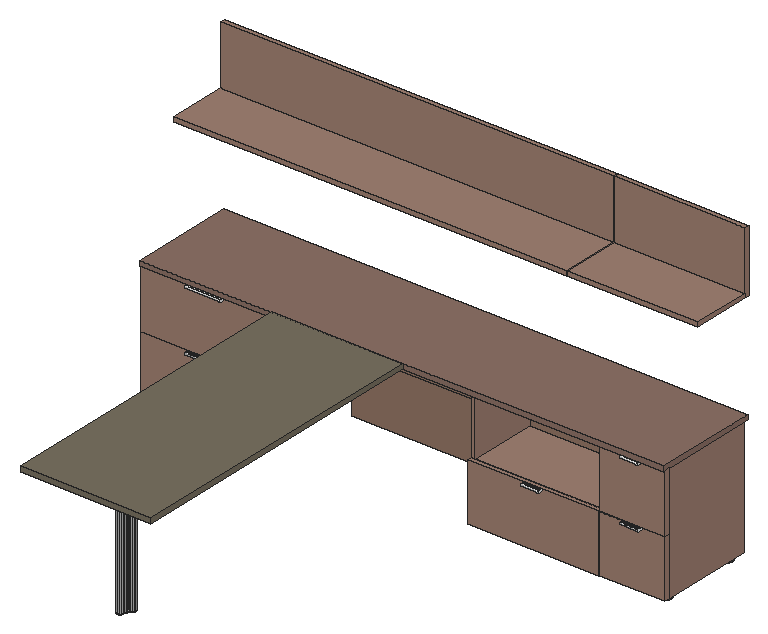
Revit family "T100092", category Furniture, Revit 2022 (continued)
Definition of nested family "APTOS WORKSURFACE HEIGHT MODULAR PEDESTAL FILE-FILE 15-18IN"
  Forms (in)
    Extrusion 15, solid, material <- "Board Material"
      sketch origin (0, 27.875, -13.875) x (1, 0, 0) y (0, 1, 0)
        loop
          line (-8.25, -27.875) -> (-8.25, -28.625) -> (8.25, -28.625) -> (8.25, -27.875) -> (-8.25, -27.875)
      from 20.312 to 24.312
  Dimensions and locks (in)
    equal spacing: plane 4 "Left End", plane 3 "Center Left/Right", plane 6 "Right End"
    "Width": plane 4 "Left End" to plane 6 "Right End"
    "Height": plane 28 to level
    "Board Thick Sides": plane 4 "Left End" to plane 8
    "Board Thick Sides": plane 9 to plane 6 "Right End"
    "Board Thick Shelfs": plane 11 to plane 10
    "Board Thick Bot": plane 13 to plane 12
    "Bottom Board Offset": plane 12 to level
    "Board Thick Front": plane 14 to plane 5 "Front End"
    "Leg Offset": plane 17 to plane 5 "Front End"
    "Leg Offset": plane 18 to plane 5 "Front End"
    "Leg Offset": plane 15 to plane 7 "Back End"
    "Leg Offset": plane 16 to plane 7 "Back End"
    "Leg Offset": plane 4 "Left End" to plane 19
    "Leg Offset": plane 20 to plane 6 "Right End"
    "Leg Offset": plane 21 to plane 6 "Right End"
    "Leg Offset": plane 4 "Left End" to plane 22
    "Board Thick Door": plane 23 to plane 5 "Front End"
    "Shelf Height": plane 11 to plane 13
    "Drawer Gap": plane 24 to plane 10
    "Handle Lengh": plane 25 to plane 26
    "Board Thick Back": plane 27 to plane 1 "Center Front/Back"
    "Depth": plane 23 to plane 1 "Center Front/Back"
    equal spacing: plane 25, plane 3 "Center Left/Right", plane 26
    "Board Thick Top": plane 28 to plane 29
    aligned and locked: level to plane 2
    aligned and locked: plane 5 "Front End" to Extrusion 1 sketch curve
    aligned and locked: plane 4 "Left End" to Extrusion 1 sketch curve
    aligned and locked: Extrusion 1 sketch curve to plane 8
    aligned and locked: Extrusion 2 to plane 5 "Front End"
    aligned and locked: plane 9 to Extrusion 2
    aligned and locked: Extrusion 2 to plane 6 "Right End"
    aligned and locked: Extrusion 2 to plane 12
    aligned and locked: plane 9 to Extrusion 3 sketch curve
    aligned and locked: Extrusion 3 sketch curve to plane 8
    aligned and locked: Revolve 4 to plane 16
    aligned and locked: plane 15 to Revolve 5
    aligned and locked: Revolve 7 to plane 18
    aligned and locked: plane 17 to Revolve 6
    aligned and locked: plane 13 to Extrusion 3
    aligned and locked: Extrusion 3 to plane 12
    aligned and locked: Extrusion 9 to plane 12
    aligned and locked: Extrusion 9 to plane 6 "Right End"
    aligned and locked: Extrusion 10 to plane 6 "Right End"
    aligned and locked: plane 10 to Extrusion 9
    aligned and locked: Extrusion 10 to plane 24
    aligned and locked: Extrusion 11 to plane 26
    aligned and locked: Extrusion 11 to plane 25
    aligned and locked: Extrusion 8 to plane 27
    aligned and locked: Extrusion 8 to plane 1 "Center Front/Back"
    aligned and locked: Extrusion 1 to plane 12
    aligned and locked: Extrusion 10 to plane 4 "Left End"
    aligned and locked: Extrusion 9 to plane 4 "Left End"
    aligned and locked: plane 28 to Extrusion 2
    aligned and locked: plane 28 to Extrusion 1
    aligned and locked: plane 28 to Extrusion 10
    aligned and locked: plane 25 to Extrusion 13
    aligned and locked: Extrusion 13 to plane 26
    aligned and locked: Extrusion 1 to plane 7 "Back End"
    aligned and locked: Extrusion 2 to plane 7 "Back End"
    aligned and locked: Extrusion 3 to plane 7 "Back End"
    aligned and locked: Extrusion 8 to plane 8
    aligned and locked: Extrusion 8 to plane 9
  Automatic sketch dimensions
    plane 1 "Center Front/Back" to Extrusion 1 sketch curve = 0' - 0"
    Extrusion 2 sketch curve to plane 5 "Front End" = 0' - 0"
    Extrusion 2 sketch curve to plane 6 "Right End" = 0' - 0"
    Extrusion 2 sketch curve to plane 9 = 0' - 0"
    plane 1 "Center Front/Back" to Extrusion 2 sketch curve = 0' - 0"
    Extrusion 3 sketch curve to plane 5 "Front End" = 0' - 0"
    plane 1 "Center Front/Back" to Extrusion 3 sketch curve = 0' - 0"
    Revolve 4 sketch curve to plane 12 = 0' - 0"
    Revolve 4 sketch curve to level = 0' - 0"
    plane 19 to Revolve 4 sketch curve = 0' - 0"  (x2)
    level to Revolve 4 sketch curve = 0' - 0.28743"
    Revolve 4 sketch curve to plane 19 = 0' - 0 1/2"
    Revolve 4 sketch curve to Revolve 4 sketch curve = 0' - 0 1/2"  (x2)
    Revolve 4 sketch curve to Revolve 4 sketch curve = 0' - 0"
    level to Revolve 4 sketch curve = 0' - 0.14371"
    Revolve 4 sketch curve to plane 13 = 0' - 0 1/4"
    Revolve 5 sketch curve to plane 12 = 0' - 0"
    Revolve 5 sketch curve to level = 0' - 0"
    Revolve 5 sketch curve to plane 20 = 0' - 0"  (x2)
    level to Revolve 5 sketch curve = 0' - 0.28743"
    Revolve 5 sketch curve to Revolve 5 sketch curve = 0' - 0 1/2"  (x3)
    Revolve 5 sketch curve to Revolve 5 sketch curve = 0' - 0"  (x2)
    Revolve 5 sketch curve to plane 13 = 0' - 0 1/4"
    Revolve 6 sketch curve to plane 12 = 0' - 0"
    Revolve 6 sketch curve to level = 0' - 0"
    plane 19 to Revolve 6 sketch curve = 0' - 0"  (x2)
    level to Revolve 6 sketch curve = 0' - 0.28743"
    Revolve 6 sketch curve to plane 19 = 0' - 0 1/2"
    Revolve 6 sketch curve to Revolve 6 sketch curve = 0' - 0 1/2"  (x2)
    Revolve 6 sketch curve to Revolve 6 sketch curve = 0' - 0"  (x2)
    Revolve 6 sketch curve to plane 13 = 0' - 0 1/4"
    Revolve 7 sketch curve to plane 12 = 0' - 0"
    Revolve 7 sketch curve to level = 0' - 0"
    Revolve 7 sketch curve to plane 20 = 0' - 0"  (x2)
    level to Revolve 7 sketch curve = 0' - 0.28743"
    Revolve 7 sketch curve to Revolve 7 sketch curve = 0' - 0 1/2"  (x3)
    Revolve 7 sketch curve to Revolve 7 sketch curve = 0' - 0"
    level to Revolve 7 sketch curve = 0' - 0.14371"
    Revolve 7 sketch curve to plane 13 = 0' - 0 1/4"
    Extrusion 8 sketch curve to plane 8 = 0' - 0"
    Extrusion 8 sketch curve to plane 9 = 0' - 0"
    Extrusion 8 sketch curve to plane 27 = 0' - 0"
    plane 1 "Center Front/Back" to Extrusion 8 sketch curve = 0' - 0"
    Extrusion 9 sketch curve to plane 4 "Left End" = 0' - 0"
    Extrusion 9 sketch curve to plane 6 "Right End" = 0' - 0"
    plane 23 to Extrusion 9 sketch curve = 0' - 0"
    Extrusion 9 sketch curve to plane 5 "Front End" = 0' - 0"
    Extrusion 10 sketch curve to plane 4 "Left End" = 0' - 0"
    Extrusion 10 sketch curve to plane 6 "Right End" = 0' - 0"
    plane 23 to Extrusion 10 sketch curve = 0' - 0"
    Extrusion 10 sketch curve to plane 5 "Front End" = 0' - 0"
    Extrusion 11 sketch curve to plane 10 = 0' - 0"
    Extrusion 11 sketch curve to plane 23 = 0' - 0"
    Extrusion 11 sketch curve to plane 10 = 0' - 0.37408"
    plane 23 to Extrusion 11 sketch curve = 0' - 0.80421"
    Extrusion 11 sketch curve to Extrusion 11 sketch curve = 0' - 0.00546"
    Extrusion 11 sketch curve to plane 10 = 0' - 0.03103"
    Extrusion 11 sketch curve to Extrusion 11 sketch curve = 0' - 0.15905"  (x2)
    plane 23 to Extrusion 11 sketch curve = 0' - 0.4095"  (x2)
    Extrusion 11 sketch curve to plane 11 = 0' - 0.27955"
    Extrusion 11 sketch curve to plane 10 = 0' - 0.03843"
    plane 23 to Extrusion 11 sketch curve = 0' - 0.19887"
    Extrusion 11 sketch curve to plane 23 = 0' - 0.02468"
    Extrusion 11 sketch curve to plane 23 = 0' - 0.10528"
    Extrusion 11 sketch curve to Extrusion 11 sketch curve = 0' - 0.2612"
    Extrusion 11 sketch curve to Extrusion 11 sketch curve = 0' - 0.40575"
    Extrusion 11 sketch curve to Extrusion 11 sketch curve = 0' - 0.06095"
    Extrusion 11 sketch curve to Extrusion 11 sketch curve = 0' - 0"
    Extrusion 11 sketch curve to Extrusion 11 sketch curve = 0' - 0.01915"
    Extrusion 12 sketch curve to plane 8 = 0' - 0"
    Extrusion 12 sketch curve to plane 9 = 0' - 0"
    Extrusion 12 sketch curve to plane 15 = 0' - 3 3/16"
    Extrusion 12 sketch curve to plane 27 = 0' - 0 7/16"
    Extrusion 13 sketch curve to plane 23 = 0' - 0"
    Extrusion 13 sketch curve to plane 28 = 0' - 0"
    plane 23 to Extrusion 13 sketch curve = 0' - 0.80421"
    Extrusion 13 sketch curve to Extrusion 13 sketch curve = 0' - 0.00546"
    Extrusion 13 sketch curve to plane 28 = 0' - 0.03103"
    Extrusion 13 sketch curve to Extrusion 13 sketch curve = 0' - 0.15905"  (x2)
    plane 23 to Extrusion 13 sketch curve = 0' - 0.4095"  (x2)
    Extrusion 13 sketch curve to plane 28 = 0' - 0.03843"
    Extrusion 13 sketch curve to Extrusion 13 sketch curve = 0' - 0.19887"
    plane 23 to Extrusion 13 sketch curve = 0' - 0.19887"
    Extrusion 13 sketch curve to plane 23 = 0' - 0.02468"
    Extrusion 13 sketch curve to plane 23 = 0' - 0.10528"
    Extrusion 13 sketch curve to Extrusion 13 sketch curve = 0' - 0.37408"
    Extrusion 13 sketch curve to Extrusion 13 sketch curve = 0' - 0.2612"
    plane 29 to Extrusion 13 sketch curve = 0' - 0.31322"
    Extrusion 13 sketch curve to Extrusion 13 sketch curve = 0' - 0.06095"
    Extrusion 13 sketch curve to Extrusion 13 sketch curve = 0' - 0"
    Extrusion 13 sketch curve to Extrusion 13 sketch curve = 0' - 0.01915"
    Extrusion 14 sketch curve to plane 8 = 0' - 0"
    Extrusion 14 sketch curve to plane 9 = 0' - 0"
    Extrusion 14 sketch curve to plane 17 = 0' - 0.3761"
    Extrusion 14 sketch curve to Extrusion 14 sketch curve = 0' - 3.9989"
    Extrusion 15 sketch curve to plane 8 = 0' - 0"
    Extrusion 15 sketch curve to plane 9 = 0' - 0"
    Extrusion 15 sketch curve to plane 27 = 0' - 0"
    plane 1 "Center Front/Back" to Extrusion 15 sketch curve = 0' - 0"
Definition of nested family "APTOS WORKSURFACE HEIGHT MODULAR PEDESTAL FILE-FILE 30-36IN"
  Parameters (values of type "APTOS WORKSURFACE HEIGHT MODULAR PEDESTAL FILE-FILE 36W x 24D")
    Width = 3' - 0"
    URL = "http://ofsbrands.com"
    Shelf Height = 1' - 1 3/16"
    Handle Lengh = 0' - 8 1/8"
    Drawer Gap = 0' - 0 1/8"
    Door Handle Material = none
    Default Elevation = 0' - 0"
    Board Thick Top = 0' - 0 3/4"
    Board Thick Door = 0' - 1 1/8"
    Depth = 1' - 10 5/8"
    Board Material = none
    Model = "34-W3624MPD3"
    Manufacturer = "OFS"
    Leg Caps Material = none
    Leg Offset = 0' - 2"
    Height = 2' - 4 5/16"
    Description = "APTOS WORKSURFACE HEIGHT MODULAR PEDESTAL FILE-FILE 36\" Width, 24\" Depth, Two Lateral File Drawers"
    Copyright © = "© OFS BRANDS 2017"
    Catalog = "APTOS http://ofsbrands.com/products/casegoods/private-office/aptos"
    Bottom Board Offset = 0' - 1 1/2"
    Board Thick Bot = 0' - 1"
    Board Thick Shelfs = 0' - 1"
    Board Thick Sides = 0' - 0 3/4"
    Board Thick Front = 0' - 0 3/4"
    Board Thick Back = 0' - 0 3/4"
    Authoring Version = "Autodesk Revit Architecture 2013"
    Assembly Code = "E2020200"
  Types (3): name | Width | Model | Description
    (no name) | 3' - 0" | "34-W3624MPD3" | "APTOS WORKSURFACE HEIGHT MODULAR PEDESTAL FILE-FILE 36\" Width, 24\" Depth, Two Lateral File Drawers"
    APTOS WORKSURFACE HEIGHT MODULAR PEDESTAL FILE-FILE 30W x 24D | 2' - 6" | "34-W3024MPD3" | "APTOS WORKSURFACE HEIGHT MODULAR PEDESTAL FILE-FILE 30\" Width, 24\" Depth, Two File Drawers"
    APTOS WORKSURFACE HEIGHT MODULAR PEDESTAL FILE-FILE 36W x 24D | 3' - 0" | "34-W3624MPD3" | "APTOS WORKSURFACE HEIGHT MODULAR PEDESTAL FILE-FILE 36\" Width, 24\" Depth, Two Lateral File Drawers"
  Reference planes (in)
    plane 1 "Center Front/Back": y = 0
    plane 2: z = 0
    plane 3 "Center Left/Right": x = 0
    plane 4 "Left End": x = -18
    plane 5 "Front End": y = -21.5
    plane 6 "Right End": x = 18
    plane 7 "Back End": y = 0
    plane 8: x = -17.25
    plane 9: x = 17.25
    plane 10: z = 14.6875
    plane 11: z = 15.6875
    plane 12: z = 1.5
    plane 13: z = 2.5
    plane 14: y = -20.75
    plane 15: y = -2
    plane 16: y = -2
    plane 17: y = -19.5
    plane 18: y = -19.5
    plane 19: x = -16
    plane 20: x = 16
    plane 21: x = 16
    plane 22: x = -16
    plane 23: y = -22.625
    plane 24: z = 14.8125
    plane 25: x = -4.0625
    plane 26: x = 4.0625
    plane 27: y = -0.75
    plane 28: z = 28.3125
    plane 29: z = 27.5625
  Forms (in)
    Extrusion 1, solid, material <- "Board Material"
      sketch origin (0, 0, 0) x (1, 0, 0) y (0, 1, 0)
        loop
          line (-18, 0) -> (-18, -21.5) -> (-17.25, -21.5) -> (-17.25, 0) -> (-18, 0)
      from 1.5 to 28.3125
    Extrusion 2, solid, material <- "Board Material"
      sketch origin (0, 0, 0) x (-1, 0, 0) y (0, -1, 0)
        loop
          line (-18, 0) -> (-17.25, 0) -> (-17.25, 21.5) -> (-18, 21.5) -> (-18, 0)
      from 1.5 to 28.3125
    Extrusion 3, solid, material <- "Board Material"
      sketch origin (0, 0, 0) x (1, 0, 0) y (0, 1, 0)
        loop
          line (-17.25, 0) -> (-17.25, -21.5) -> (17.25, -21.5) -> (17.25, 0) -> (-17.25, 0)
      from 1.5 to 2.5
    Revolve 4, solid, material <- "Leg Caps Material"
      sketch origin (0, -2, 0) x (-1, 0, 0) y (0, 0, 1)
        loop
          line (15, 0.28743) -> (15.5, 0.28743)
          arc (15.5, 0.28743) -> (15.35629, 0.14371) -> (15.5, 0) r 0.14371
          line (15.5, 0) -> (16, 0) -> (16, 1.5) -> (15, 1.5) -> (15, 0.28743)
        axis (16, 1.5) -> (16, 0)
      angle from 0 to 360
    Revolve 5, solid, material <- "Leg Caps Material"
      sketch origin (0, -2, 0) x (1, 0, 0) y (0, 0, -1)
        loop
          line (15, -0.28743) -> (15, -1.5) -> (16, -1.5) -> (16, 0) -> (15.5, 0)
          arc (15.5, 0) -> (15.35629, -0.14371) -> (15.5, -0.28743) r 0.14371
          line (15.5, -0.28743) -> (15, -0.28743)
        axis (16, -1.5) -> (16, 0)
      angle from 0 to 360
    Revolve 6, solid, material <- "Leg Caps Material"
      sketch origin (0, -19.5, 0) x (-1, 0, 0) y (0, 0, -1)
        loop
          line (15, -0.28743) -> (15, -1.5) -> (16, -1.5) -> (16, 0) -> (15.5, 0)
          arc (15.5, 0) -> (15.35629, -0.14371) -> (15.5, -0.28743) r 0.14371
          line (15.5, -0.28743) -> (15, -0.28743)
        axis (16, -1.5) -> (16, 0)
      angle from 0 to 360
    Revolve 7, solid, material <- "Leg Caps Material"
      sketch origin (0, -19.5, 0) x (1, 0, 0) y (0, 0, 1)
        loop
          line (15, 0.28743) -> (15.5, 0.28743)
          arc (15.5, 0.28743) -> (15.35629, 0.14371) -> (15.5, 0) r 0.14371
          line (15.5, 0) -> (16, 0) -> (16, 1.5) -> (15, 1.5) -> (15, 0.28743)
        axis (16, 1.5) -> (16, 0)
      angle from 0 to 360
    Extrusion 8, solid, material <- "Board Material"
      sketch origin (0, 27.875, 0) x (1, 0, 0) y (0, 1, 0)
        loop
          line (-17.25, -27.875) -> (-17.25, -28.625) -> (17.25, -28.625) -> (17.25, -27.875) -> (-17.25, -27.875)
      from 20.312 to 24.312
    Extrusion 9, solid, material <- "Board Material"
      sketch origin (0, 0, 0) x (1, 0, 0) y (0, 1, 0)
        loop
          line (18, -21.5) -> (-18, -21.5) -> (-18, -22.625) -> (18, -22.625) -> (18, -21.5)
      from 1.5 to 14.6875
    Extrusion 10, solid, material <- "Board Material"
      sketch origin (0, 0, 0) x (1, 0, 0) y (0, 1, 0)
        loop
          line (18, -21.5) -> (-18, -21.5) -> (-18, -22.625) -> (18, -22.625) -> (18, -21.5)
      from 14.8125 to 28.3125
    Extrusion 11, solid, material <- "Door Handle Material"
      sketch origin (0, 7.01942, -2.70267) x (0, 1, 0) y (0, 0, 1)
        loop
          arc (-30.44863, 17.3872) -> (-30.63506, 17.20076) -> (-30.44863, 17.01433) r 0.18644
          arc (-30.44863, 17.01433) -> (-30.36853, 17.01913) -> (-30.28958, 17.03348) r 0.66994
          arc (-30.28958, 17.03348) -> (-30.06675, 17.06125) -> (-29.84329, 17.03915) r 1.01098
          arc (-29.84329, 17.03915) -> (-29.74439, 17.02301) -> (-29.64442, 17.01609) r 1.08212
          line (-29.64442, 17.01609) -> (-29.64442, 17.39017)
          arc (-29.64442, 17.39017) -> (-29.74475, 17.37561) -> (-29.84329, 17.35174) r 1.08374
          arc (-29.84329, 17.35174) -> (-30.06697, 17.32316) -> (-30.28958, 17.35914) r 0.78757
          arc (-30.28958, 17.35914) -> (-30.36779, 17.38063) -> (-30.44863, 17.3872) r 0.43385
      from -4.0625 to 4.0625
    Extrusion 12, solid, material <- "Board Material"
      sketch origin (0, 0.67064, 0) x (1, 0, 0) y (0, 1, 0)
        loop
          line (-17.25, -1.85814) -> (-17.25, -5.85814) -> (17.25, -5.85814) -> (17.25, -1.85814) -> (-17.25, -1.85814)
      from 28.3125 to 27.5625
    Extrusion 13, solid, material <- "Door Handle Material"
      sketch origin (0, 7.01942, 3.84921) x (0, 1, 0) y (0, 0, 1)
        loop
          arc (-30.44863, 24.46032) -> (-30.63506, 24.27389) -> (-30.44863, 24.08745) r 0.18644
          arc (-30.44863, 24.08745) -> (-30.36853, 24.09226) -> (-30.28958, 24.1066) r 0.66994
          arc (-30.28958, 24.1066) -> (-30.06675, 24.13437) -> (-29.84329, 24.11227) r 1.01098
          arc (-29.84329, 24.11227) -> (-29.74439, 24.09613) -> (-29.64442, 24.08921) r 1.08212
          line (-29.64442, 24.08921) -> (-29.64442, 24.46329)
          arc (-29.64442, 24.46329) -> (-29.74475, 24.44873) -> (-29.84329, 24.42486) r 1.08374
          arc (-29.84329, 24.42486) -> (-30.06697, 24.39628) -> (-30.28958, 24.43226) r 0.78757
          arc (-30.28958, 24.43226) -> (-30.36779, 24.45376) -> (-30.44863, 24.46032) r 0.43385
      from -4.0625 to 4.0625
    Extrusion 14, solid, material <- "Board Material"
      sketch origin (0, -19.875, 0) x (1, 0, 0) y (0, 1, 0)
        loop
          line (-17.25, 4.75) -> (-17.25, 0.7511) -> (17.25, 0.7511) -> (17.25, 4.75) -> (-17.25, 4.75)
      from 28.3125 to 27.5625
    Extrusion 15, solid, material <- "Board Material"
      sketch origin (0, 27.875, -13.875) x (1, 0, 0) y (0, 1, 0)
        loop
          line (-17.25, -27.875) -> (-17.25, -28.625) -> (17.25, -28.625) -> (17.25, -27.875) -> (-17.25, -27.875)
      from 20.312 to 24.312
  Dimensions and locks (in)
    equal spacing: plane 4 "Left End", plane 3 "Center Left/Right", plane 6 "Right End"
    "Width": plane 4 "Left End" to plane 6 "Right End"
    "Height": plane 28 to level
    "Board Thick Sides": plane 4 "Left End" to plane 8
    "Board Thick Sides": plane 9 to plane 6 "Right End"
    "Board Thick Shelfs": plane 11 to plane 10
    "Board Thick Bot": plane 13 to plane 12
    "Bottom Board Offset": plane 12 to level
    "Board Thick Front": plane 14 to plane 5 "Front End"
    "Leg Offset": plane 17 to plane 5 "Front End"
    "Leg Offset": plane 18 to plane 5 "Front End"
    "Leg Offset": plane 15 to plane 7 "Back End"
    "Leg Offset": plane 16 to plane 7 "Back End"
    "Leg Offset": plane 4 "Left End" to plane 19
    "Leg Offset": plane 20 to plane 6 "Right End"
    "Leg Offset": plane 21 to plane 6 "Right End"
    "Leg Offset": plane 4 "Left End" to plane 22
    "Board Thick Door": plane 23 to plane 5 "Front End"
    "Shelf Height": plane 11 to plane 13
    "Drawer Gap": plane 24 to plane 10
    "Handle Lengh": plane 25 to plane 26
    "Board Thick Back": plane 27 to plane 1 "Center Front/Back"
    "Depth": plane 23 to plane 1 "Center Front/Back"
    equal spacing: plane 25, plane 3 "Center Left/Right", plane 26
    "Board Thick Top": plane 28 to plane 29
    aligned and locked: level to plane 2
    aligned and locked: plane 5 "Front End" to Extrusion 1 sketch curve
    aligned and locked: plane 4 "Left End" to Extrusion 1 sketch curve
    aligned and locked: Extrusion 1 sketch curve to plane 8
    aligned and locked: Extrusion 2 to plane 5 "Front End"
    aligned and locked: plane 9 to Extrusion 2
    aligned and locked: Extrusion 2 to plane 6 "Right End"
    aligned and locked: plane 12 to Extrusion 2
    aligned and locked: plane 9 to Extrusion 3 sketch curve
    aligned and locked: Extrusion 3 sketch curve to plane 8
    aligned and locked: plane 16 to Revolve 4
    aligned and locked: Revolve 5 to plane 15
    aligned and locked: plane 18 to Revolve 7
    aligned and locked: Revolve 6 to plane 17
    aligned and locked: Extrusion 3 to plane 13
    aligned and locked: Extrusion 3 to plane 12
    aligned and locked: Extrusion 9 to plane 12
    aligned and locked: Extrusion 9 to plane 6 "Right End"
    aligned and locked: Extrusion 10 to plane 6 "Right End"
    aligned and locked: Extrusion 9 to plane 10
    aligned and locked: Extrusion 10 to plane 24
    aligned and locked: Extrusion 11 to plane 26
    aligned and locked: Extrusion 11 to plane 25
    aligned and locked: Extrusion 8 to plane 27
    aligned and locked: Extrusion 8 to plane 1 "Center Front/Back"
    aligned and locked: Extrusion 1 to plane 12
    aligned and locked: Extrusion 10 to plane 4 "Left End"
    aligned and locked: Extrusion 9 to plane 4 "Left End"
    aligned and locked: plane 28 to Extrusion 2
    aligned and locked: plane 28 to Extrusion 1
    aligned and locked: plane 28 to Extrusion 10
    aligned and locked: plane 25 to Extrusion 13
    aligned and locked: Extrusion 13 to plane 26
    aligned and locked: Extrusion 1 to plane 7 "Back End"
    aligned and locked: Extrusion 2 to plane 7 "Back End"
    aligned and locked: Extrusion 3 to plane 7 "Back End"
    aligned and locked: Extrusion 8 to plane 8
    aligned and locked: Extrusion 8 to plane 9
  Automatic sketch dimensions
    plane 1 "Center Front/Back" to Extrusion 1 sketch curve = 0' - 0"
    Extrusion 2 sketch curve to plane 5 "Front End" = 0' - 0"
    Extrusion 2 sketch curve to plane 6 "Right End" = 0' - 0"
    Extrusion 2 sketch curve to plane 9 = 0' - 0"
    plane 1 "Center Front/Back" to Extrusion 2 sketch curve = 0' - 0"
    Extrusion 3 sketch curve to plane 5 "Front End" = 0' - 0"
    plane 1 "Center Front/Back" to Extrusion 3 sketch curve = 0' - 0"
    Revolve 4 sketch curve to plane 12 = 0' - 0"
    Revolve 4 sketch curve to level = 0' - 0"
    plane 19 to Revolve 4 sketch curve = 0' - 0"  (x2)
    level to Revolve 4 sketch curve = 0' - 0.28743"
    Revolve 4 sketch curve to plane 19 = 0' - 0 1/2"
    Revolve 4 sketch curve to Revolve 4 sketch curve = 0' - 0 1/2"  (x2)
    Revolve 4 sketch curve to Revolve 4 sketch curve = 0' - 0"
    level to Revolve 4 sketch curve = 0' - 0.14371"
    Revolve 4 sketch curve to plane 13 = 0' - 0 1/4"
    Revolve 5 sketch curve to plane 12 = 0' - 0"
    Revolve 5 sketch curve to level = 0' - 0"
    Revolve 5 sketch curve to plane 20 = 0' - 0"  (x2)
    level to Revolve 5 sketch curve = 0' - 0.28743"
    Revolve 5 sketch curve to Revolve 5 sketch curve = 0' - 0 1/2"  (x3)
    Revolve 5 sketch curve to Revolve 5 sketch curve = 0' - 0"  (x2)
    Revolve 5 sketch curve to plane 13 = 0' - 0 1/4"
    Revolve 6 sketch curve to plane 12 = 0' - 0"
    Revolve 6 sketch curve to level = 0' - 0"
    plane 19 to Revolve 6 sketch curve = 0' - 0"  (x2)
    level to Revolve 6 sketch curve = 0' - 0.28743"
    Revolve 6 sketch curve to plane 19 = 0' - 0 1/2"
    Revolve 6 sketch curve to Revolve 6 sketch curve = 0' - 0 1/2"  (x2)
    Revolve 6 sketch curve to Revolve 6 sketch curve = 0' - 0"  (x2)
    Revolve 6 sketch curve to plane 13 = 0' - 0 1/4"
    Revolve 7 sketch curve to plane 12 = 0' - 0"
    Revolve 7 sketch curve to level = 0' - 0"
    Revolve 7 sketch curve to plane 20 = 0' - 0"  (x2)
    level to Revolve 7 sketch curve = 0' - 0.28743"
    Revolve 7 sketch curve to Revolve 7 sketch curve = 0' - 0 1/2"  (x3)
    Revolve 7 sketch curve to Revolve 7 sketch curve = 0' - 0"
    level to Revolve 7 sketch curve = 0' - 0.14371"
    Revolve 7 sketch curve to plane 13 = 0' - 0 1/4"
    Extrusion 8 sketch curve to plane 8 = 0' - 0"
    Extrusion 8 sketch curve to plane 9 = 0' - 0"
    Extrusion 8 sketch curve to plane 27 = 0' - 0"
    plane 1 "Center Front/Back" to Extrusion 8 sketch curve = 0' - 0"
    Extrusion 9 sketch curve to plane 4 "Left End" = 0' - 0"
    Extrusion 9 sketch curve to plane 6 "Right End" = 0' - 0"
    plane 23 to Extrusion 9 sketch curve = 0' - 0"
    Extrusion 9 sketch curve to plane 5 "Front End" = 0' - 0"
    Extrusion 10 sketch curve to plane 4 "Left End" = 0' - 0"
    Extrusion 10 sketch curve to plane 6 "Right End" = 0' - 0"
    plane 23 to Extrusion 10 sketch curve = 0' - 0"
    Extrusion 10 sketch curve to plane 5 "Front End" = 0' - 0"
    Extrusion 11 sketch curve to plane 10 = 0' - 0"
    Extrusion 11 sketch curve to plane 23 = 0' - 0"
    Extrusion 11 sketch curve to plane 10 = 0' - 0.37408"
    plane 23 to Extrusion 11 sketch curve = 0' - 0.80421"
    Extrusion 11 sketch curve to Extrusion 11 sketch curve = 0' - 0.00546"
    Extrusion 11 sketch curve to plane 10 = 0' - 0.03103"
    Extrusion 11 sketch curve to Extrusion 11 sketch curve = 0' - 0.15905"  (x2)
    plane 23 to Extrusion 11 sketch curve = 0' - 0.4095"  (x2)
    Extrusion 11 sketch curve to plane 11 = 0' - 0.27955"
    Extrusion 11 sketch curve to plane 10 = 0' - 0.03843"
    plane 23 to Extrusion 11 sketch curve = 0' - 0.19887"
    Extrusion 11 sketch curve to plane 23 = 0' - 0.02468"
    Extrusion 11 sketch curve to plane 23 = 0' - 0.10528"
    Extrusion 11 sketch curve to Extrusion 11 sketch curve = 0' - 0.2612"
    Extrusion 11 sketch curve to Extrusion 11 sketch curve = 0' - 0.40575"
    Extrusion 11 sketch curve to Extrusion 11 sketch curve = 0' - 0.06095"
    Extrusion 11 sketch curve to Extrusion 11 sketch curve = 0' - 0"
    Extrusion 11 sketch curve to Extrusion 11 sketch curve = 0' - 0.01915"
    Extrusion 12 sketch curve to plane 8 = 0' - 0"
    Extrusion 12 sketch curve to plane 9 = 0' - 0"
    Extrusion 12 sketch curve to plane 15 = 0' - 3 3/16"
    Extrusion 12 sketch curve to plane 27 = 0' - 0 7/16"
    Extrusion 13 sketch curve to plane 23 = 0' - 0"
    Extrusion 13 sketch curve to plane 28 = 0' - 0"
    plane 23 to Extrusion 13 sketch curve = 0' - 0.80421"
    Extrusion 13 sketch curve to Extrusion 13 sketch curve = 0' - 0.00546"
    Extrusion 13 sketch curve to plane 28 = 0' - 0.03103"
    Extrusion 13 sketch curve to Extrusion 13 sketch curve = 0' - 0.15905"  (x2)
    plane 23 to Extrusion 13 sketch curve = 0' - 0.4095"  (x2)
    Extrusion 13 sketch curve to plane 28 = 0' - 0.03843"
    Extrusion 13 sketch curve to Extrusion 13 sketch curve = 0' - 0.19887"
    plane 23 to Extrusion 13 sketch curve = 0' - 0.19887"
    Extrusion 13 sketch curve to plane 23 = 0' - 0.02468"
    Extrusion 13 sketch curve to plane 23 = 0' - 0.10528"
    Extrusion 13 sketch curve to Extrusion 13 sketch curve = 0' - 0.37408"
    Extrusion 13 sketch curve to Extrusion 13 sketch curve = 0' - 0.2612"
    plane 29 to Extrusion 13 sketch curve = 0' - 0.31322"
    Extrusion 13 sketch curve to Extrusion 13 sketch curve = 0' - 0.06095"
    Extrusion 13 sketch curve to Extrusion 13 sketch curve = 0' - 0"
    Extrusion 13 sketch curve to Extrusion 13 sketch curve = 0' - 0.01915"
    Extrusion 14 sketch curve to plane 8 = 0' - 0"
    Extrusion 14 sketch curve to plane 9 = 0' - 0"
    Extrusion 14 sketch curve to plane 17 = 0' - 0.3761"
    Extrusion 14 sketch curve to Extrusion 14 sketch curve = 0' - 3.9989"
    Extrusion 15 sketch curve to plane 8 = 0' - 0"
    Extrusion 15 sketch curve to plane 9 = 0' - 0"
    Extrusion 15 sketch curve to plane 27 = 0' - 0"
    plane 1 "Center Front/Back" to Extrusion 15 sketch curve = 0' - 0"
Definition of nested family "APTOS WALLMOUNT OPEN SHELF ORGANIZER Cantilevered Fixed Shelf"
  Parameters (values of type "APTOS WALLMOUNT OPEN SHELF ORGANIZER Cantilevered Fixed Shelf 96"")
    Width = 8' - 0"
    Wall Board Thickness = 0' - 1"
    URL = "http://ofsbrands.com"
    Shelf Board Thickness = 0' - 1"
    Depth = 1' - 2 1/2"
    Default Elevation = 0' - 0"
    Bottom Board Offset [instance] = 4' - 5 3/4"
    Board Material = none
    Model = "34-9615WS"
    Manufacturer = "OFS"
    Height = 1' - 2 1/2"
    Description = "OFS BRANDS OFS APTOS WALLMOUNT OPEN SHELF ORGANIZER Cantilevered Fixed Shelf 96\""
    Copyright © = "© OFS BRANDS 2017"
    Catalog = "APTOS http://ofsbrands.com/products/casegoods/private-office/aptos"
    Authoring Version = "Autodesk Revit Architecture 2013"
    Assembly Code = "E2020200"
  Types (15): name | Width | Model | Description
    (no name) | 8' - 0" | "34-9615WS" | "OFS BRANDS OFS APTOS WALLMOUNT OPEN SHELF ORGANIZER Cantilevered Fixed Shelf 96\""
    APTOS WALLMOUNT OPEN SHELF ORGANIZER Cantilevered Fixed Shelf 30" | 2' - 6" | "34-3015WS" | "OFS BRANDS OFS APTOS WALLMOUNT OPEN SHELF ORGANIZER Cantilevered Fixed Shelf 30\""
    APTOS WALLMOUNT OPEN SHELF ORGANIZER Cantilevered Fixed Shelf 36" | 3' - 0" | "34-3615WS" | "OFS BRANDS OFS APTOS WALLMOUNT OPEN SHELF ORGANIZER Cantilevered Fixed Shelf 36\""
    APTOS WALLMOUNT OPEN SHELF ORGANIZER Cantilevered Fixed Shelf 42" | 3' - 6" | "34-4215WS" | "OFS BRANDS OFS APTOS WALLMOUNT OPEN SHELF ORGANIZER Cantilevered Fixed Shelf 42\""
    APTOS WALLMOUNT OPEN SHELF ORGANIZER Cantilevered Fixed Shelf 48" | 4' - 0" | "34-4815WS" | "OFS BRANDS OFS APTOS WALLMOUNT OPEN SHELF ORGANIZER Cantilevered Fixed Shelf 48\""
    APTOS WALLMOUNT OPEN SHELF ORGANIZER Cantilevered Fixed Shelf 54" | 4' - 6" | "34-5415WS" | "OFS BRANDS OFS APTOS WALLMOUNT OPEN SHELF ORGANIZER Cantilevered Fixed Shelf 54\""
    APTOS WALLMOUNT OPEN SHELF ORGANIZER Cantilevered Fixed Shelf 60" | 5' - 0" | "34-6015WS" | "OFS BRANDS OFS APTOS WALLMOUNT OPEN SHELF ORGANIZER Cantilevered Fixed Shelf 60\""
    APTOS WALLMOUNT OPEN SHELF ORGANIZER Cantilevered Fixed Shelf 66" | 5' - 6" | "34-6615WS" | "OFS BRANDS OFS APTOS WALLMOUNT OPEN SHELF ORGANIZER Cantilevered Fixed Shelf 66\""
    APTOS WALLMOUNT OPEN SHELF ORGANIZER Cantilevered Fixed Shelf 72" | 6' - 0" | "34-7215WS" | "OFS BRANDS OFS APTOS WALLMOUNT OPEN SHELF ORGANIZER Cantilevered Fixed Shelf 72\""
    APTOS WALLMOUNT OPEN SHELF ORGANIZER Cantilevered Fixed Shelf 78" | 6' - 6" | "34-7815WS" | "OFS BRANDS OFS APTOS WALLMOUNT OPEN SHELF ORGANIZER Cantilevered Fixed Shelf 78\""
    APTOS WALLMOUNT OPEN SHELF ORGANIZER Cantilevered Fixed Shelf 84" | 7' - 0" | "34-8415WS" | "OFS BRANDS OFS APTOS WALLMOUNT OPEN SHELF ORGANIZER Cantilevered Fixed Shelf 84\""
    APTOS WALLMOUNT OPEN SHELF ORGANIZER Cantilevered Fixed Shelf 90" | 7' - 6" | "34-9015WS" | "OFS BRANDS OFS APTOS WALLMOUNT OPEN SHELF ORGANIZER Cantilevered Fixed Shelf 90\""
    APTOS WALLMOUNT OPEN SHELF ORGANIZER Cantilevered Fixed Shelf 96" | 8' - 0" | "34-9615WS" | "OFS BRANDS OFS APTOS WALLMOUNT OPEN SHELF ORGANIZER Cantilevered Fixed Shelf 96\""
    APTOS WALLMOUNT OPEN SHELF ORGANIZER Cantilevered Fixed Shelf 102" | 8' - 6" | "34-10215WS" | "OFS BRANDS OFS APTOS WALLMOUNT OPEN SHELF ORGANIZER Cantilevered Fixed Shelf 102\""
    APTOS WALLMOUNT OPEN SHELF ORGANIZER Cantilevered Fixed Shelf 108" | 9' - 0" | "34-10815WS" | "OFS BRANDS OFS APTOS WALLMOUNT OPEN SHELF ORGANIZER Cantilevered Fixed Shelf 108\""
  Reference planes (in)
    plane 1 "Center Front/Back": y = 0
    plane 2: z = 0
    plane 3 "Center Left/Right": x = 0
    plane 4 "Left End": x = -48
    plane 5 "Front End": y = -14.5
    plane 6 "Right End": x = 48
    plane 7 "Height Top": z = 54.75
    plane 8: z = 53.75
    plane 9: y = -1
    plane 10: z = 68.25
  Forms (in)
    Extrusion 1, solid, material <- "Board Material"
      sketch origin (0, 0, 0) x (1, 0, 0) y (0, 1, 0)
        loop
          line (-48, -1) -> (-48, -14.5) -> (48, -14.5) -> (48, -1) -> (-48, -1)
      from 53.75 to 54.75
    Extrusion 2, solid, material <- "Board Material"
      sketch origin (0, 0, 0) x (1, 0, 0) y (0, 1, 0)
        loop
          line (-48, 0) -> (-48, -1) -> (48, -1) -> (48, 0) -> (-48, 0)
      from 53.75 to 68.25
  Dimensions and locks (in)
    "Shelf Board Thickness": plane 7 "Height Top" to plane 8
    "Bottom Board Offset": plane 8 to level
    "Depth": plane 5 "Front End" to plane 1 "Center Front/Back"
    equal spacing: plane 4 "Left End", plane 3 "Center Left/Right", plane 6 "Right End"
    "Width": plane 4 "Left End" to plane 6 "Right End"
    "Wall Board Thickness": plane 9 to plane 1 "Center Front/Back"
    "Height": plane 10 to plane 8
    aligned and locked: level to plane 2
    aligned and locked: plane 4 "Left End" to Extrusion 1 sketch curve
    aligned and locked: Extrusion 1 sketch curve to plane 5 "Front End"
    aligned and locked: plane 6 "Right End" to Extrusion 1 sketch curve
    aligned and locked: Extrusion 1 to plane 9
    aligned and locked: plane 4 "Left End" to Extrusion 2 sketch curve
    aligned and locked: plane 6 "Right End" to Extrusion 2 sketch curve
    aligned and locked: plane 1 "Center Front/Back" to Extrusion 2 sketch curve
    aligned and locked: Extrusion 2 sketch curve to plane 9
    aligned and locked: Extrusion 2 to plane 10
    aligned and locked: Extrusion 2 to plane 8
    aligned and locked: Extrusion 1 to plane 7 "Height Top"
    aligned and locked: Extrusion 1 to plane 8
  Automatic sketch dimensions
    plane 1 "Center Front/Back" to Extrusion 1 sketch curve = 0' - 1"
Definition of nested family "OFS APTOS Worksurface Height Modular Pedestal Open-File 18"
  Parameters (values of type "Worksurface Height Modular Pedestal Open/File 18")
    Width = 1' - 6"
    URL = "https://ofs.com/"
    Shelf Height = 1' - 1 3/16"
    Handle Lengh = 0' - 4 1/8"
    Drawer Gap = 0' - 0 1/8"
    Door Handle Material = none
    Default Elevation = 0' - 0"
    Board Thick Top = 0' - 0 3/4"
    Board Thick Door = 0' - 1 1/8"
    Depth = 1' - 10 5/8"
    Board Material = none
    Model = "34-W1824MPD9"
    Manufacturer = "OFS"
    Leg Caps Material = none
    Leg Offset = 0' - 2"
    Height = 2' - 4 5/16"
    Description = "OFS APTOS Worksurface Height Modular Pedestal Open/File 18\" Width, 24\" Depth, One Open Shelf with 11.9375\" Clearance, One File Drawer"
    Copyright © = "© OFS 2022"
    Catalog = "https://ofs.com/products/tables/conference/aptos?search=Aptos"
    Bottom Board Offset = 0' - 1 1/2"
    Board Thick Bot = 0' - 1"
    Board Thick Shelfs = 0' - 1"
    Board Thick Sides = 0' - 0 3/4"
    Board Thick Front = 0' - 0 3/4"
    Board Thick Back = 0' - 0 3/4"
    Authoring Version = "Autodesk Revit Architecture 2015"
    Assembly Code = "E2020200"
  Types (3): name | Width | Model | Description | Authoring Version
    (no name) | 1' - 6" | "34-W1824MPD9" | "OFS APTOS Worksurface Height Modular Pedestal Open/File 18\" Width, 24\" Depth, One Open Shelf with 11.9375\" Clearance, One File Drawer" | "Autodesk Revit Architecture 2015"
    Worksurface Height Modular Pedestal Open/File 18 | 1' - 6" | "34-W1824MPD9" | "OFS APTOS Worksurface Height Modular Pedestal Open/File 18\" Width, 24\" Depth, One Open Shelf with 11.9375\" Clearance, One File Drawer" | "Autodesk Revit Architecture 2015"
    Worksurface Height Modular Pedestal Open/File 15 | 1' - 3" | "34-W1524MPD9" | "OFS APTOS Worksurface Height Modular Pedestal Open/File 15\" Width, 24\" Depth, One Open Shelf with 11.9375\" Clearance, One File Drawer" | "Autodesk Revit Architecture 2013"
  Reference planes (in)
    plane 1 "Center Front/Back": y = 0
    plane 2: z = 0
    plane 3 "Center Left/Right": x = 0
    plane 4 "Left End": x = -9
    plane 5 "Front End": y = -21.5
    plane 6 "Right End": x = 9
    plane 7 "Back End": y = 0
    plane 8: x = -8.25
    plane 9: x = 8.25
    plane 10: z = 14.6875
    plane 11: z = 15.6875
    plane 12: z = 1.5
    plane 13: z = 2.5
    plane 14: y = -20.75
    plane 15: y = -2
    plane 16: y = -2
    plane 17: y = -19.5
    plane 18: y = -19.5
    plane 19: x = -7
    plane 20: x = 7
    plane 21: x = 7
    plane 22: x = -7
    plane 23: y = -22.625
    plane 24: z = 14.8125
    plane 25: x = -2.0625
    plane 26: x = 2.0625
    plane 27: y = -0.75
    plane 28: z = 28.3125
    plane 29: z = 27.5625
    plane 30: z = 13.6875
  Forms (in)
    Extrusion 1, solid, material <- "Board Material"
      sketch origin (0, 0, 0) x (1, 0, 0) y (0, 1, 0)
        loop
          line (-9, 0) -> (-9, -21.5) -> (-8.25, -21.5) -> (-8.25, 0) -> (-9, 0)
      from 1.5 to 28.3125
    Extrusion 2, solid, material <- "Board Material"
      sketch origin (0, 0, 0) x (-1, 0, 0) y (0, -1, 0)
        loop
          line (-9, 0) -> (-8.25, 0) -> (-8.25, 21.5) -> (-9, 21.5) -> (-9, 0)
      from 1.5 to 28.3125
    Extrusion 3, solid, material <- "Board Material"
      sketch origin (0, 0, 0) x (1, 0, 0) y (0, 1, 0)
        loop
          line (-8.25, 0) -> (-8.25, -21.5) -> (8.25, -21.5) -> (8.25, 0) -> (-8.25, 0)
      from 1.5 to 2.5
    Revolve 4, solid, material <- "Leg Caps Material"
      sketch origin (0, -2, 0) x (-1, 0, 0) y (0, 0, 1)
        loop
          line (6, 0.28743) -> (6.5, 0.28743)
          arc (6.5, 0.28743) -> (6.35629, 0.14371) -> (6.5, 0) r 0.14371
          line (6.5, 0) -> (7, 0) -> (7, 1.5) -> (6, 1.5) -> (6, 0.28743)
        axis (7, 1.5) -> (7, 0)
      angle from 0 to 360
    Revolve 5, solid, material <- "Leg Caps Material"
      sketch origin (0, -2, 0) x (1, 0, 0) y (0, 0, -1)
        loop
          line (6, -0.28743) -> (6, -1.5) -> (7, -1.5) -> (7, 0) -> (6.5, 0)
          arc (6.5, 0) -> (6.35629, -0.14371) -> (6.5, -0.28743) r 0.14371
          line (6.5, -0.28743) -> (6, -0.28743)
        axis (7, -1.5) -> (7, 0)
      angle from 0 to 360
    Revolve 6, solid, material <- "Leg Caps Material"
      sketch origin (0, -19.5, 0) x (-1, 0, 0) y (0, 0, -1)
        loop
          line (6, -0.28743) -> (6, -1.5) -> (7, -1.5) -> (7, 0) -> (6.5, 0)
          arc (6.5, 0) -> (6.35629, -0.14371) -> (6.5, -0.28743) r 0.14371
          line (6.5, -0.28743) -> (6, -0.28743)
        axis (7, -1.5) -> (7, 0)
      angle from 0 to 360
    Revolve 7, solid, material <- "Leg Caps Material"
      sketch origin (0, -19.5, 0) x (1, 0, 0) y (0, 0, 1)
        loop
          line (6, 0.28743) -> (6.5, 0.28743)
          arc (6.5, 0.28743) -> (6.35629, 0.14371) -> (6.5, 0) r 0.14371
          line (6.5, 0) -> (7, 0) -> (7, 1.5) -> (6, 1.5) -> (6, 0.28743)
        axis (7, 1.5) -> (7, 0)
      angle from 0 to 360
    Extrusion 8, solid, material <- "Board Material"
      sketch origin (0, 27.875, 0) x (1, 0, 0) y (0, 1, 0)
        loop
          line (-8.25, -27.875) -> (-8.25, -28.625) -> (8.25, -28.625) -> (8.25, -27.875) -> (-8.25, -27.875)
      from 20.312 to 24.312
    Extrusion 9, solid, material <- "Board Material"
      sketch origin (0, 0, 0) x (1, 0, 0) y (0, 1, 0)
        loop
          line (9, -21.5) -> (-9, -21.5) -> (-9, -22.625) -> (9, -22.625) -> (9, -21.5)
      from 1.5 to 14.6875
    Extrusion 10, solid, material <- "Door Handle Material"
      sketch origin (0, 7.01942, -2.70267) x (0, 1, 0) y (0, 0, 1)
        loop
          arc (-30.44863, 17.3872) -> (-30.63506, 17.20076) -> (-30.44863, 17.01433) r 0.18644
          arc (-30.44863, 17.01433) -> (-30.36853, 17.01913) -> (-30.28958, 17.03348) r 0.66994
          arc (-30.28958, 17.03348) -> (-30.06675, 17.06125) -> (-29.84329, 17.03915) r 1.01098
          arc (-29.84329, 17.03915) -> (-29.74439, 17.02301) -> (-29.64442, 17.01609) r 1.08212
          line (-29.64442, 17.01609) -> (-29.64442, 17.39017)
          arc (-29.64442, 17.39017) -> (-29.74475, 17.37561) -> (-29.84329, 17.35174) r 1.08374
          arc (-29.84329, 17.35174) -> (-30.06697, 17.32316) -> (-30.28958, 17.35914) r 0.78757
          arc (-30.28958, 17.35914) -> (-30.36779, 17.38063) -> (-30.44863, 17.3872) r 0.43385
      from -2.0625 to 2.0625
    Extrusion 11, solid, material <- "Board Material"
      sketch origin (0, 0.67064, 0) x (1, 0, 0) y (0, 1, 0)
        loop
          line (-8.25, -1.85814) -> (-8.25, -5.85814) -> (8.25, -5.85814) -> (8.25, -1.85814) -> (-8.25, -1.85814)
      from 28.3125 to 27.5625
    Extrusion 12, solid, material <- "Board Material"
      sketch origin (0, -19.875, 0) x (1, 0, 0) y (0, 1, 0)
        loop
          line (-8.25, 4.75) -> (-8.25, 0.7511) -> (8.25, 0.7511) -> (8.25, 4.75) -> (-8.25, 4.75)
      from 28.3125 to 27.5625
    Extrusion 13, solid, material <- "Board Material"
      sketch origin (0, 27.875, -13.875) x (1, 0, 0) y (0, 1, 0)
        loop
          line (-8.25, -27.875) -> (-8.25, -28.625) -> (8.25, -28.625) -> (8.25, -27.875) -> (-8.25, -27.875)
      from 20.312 to 24.312
    Extrusion 14, solid, material <- "Board Material"
      sketch origin (0, 0, 0) x (0, 1, 0) y (0, 0, 1)
        loop
          line (-4.44535, 27.5625) -> (-5.19535, 27.5625) -> (-5.19535, 14.6875) -> (-21.5, 14.6875) -> (-21.5, 13.6875) -> (-5.19535, 13.6875) -> (-5.19535, 2.5) -> (-4.44535, 2.5) -> (-4.44535, 27.5625)
      from -8.25 to 8.25
  Dimensions and locks (in)
    equal spacing: plane 4 "Left End", plane 3 "Center Left/Right", plane 6 "Right End"
    "Width": plane 4 "Left End" to plane 6 "Right End"
    "Height": plane 28 to level
    "Board Thick Sides": plane 4 "Left End" to plane 8
    "Board Thick Sides": plane 9 to plane 6 "Right End"
    "Board Thick Shelfs": plane 11 to plane 10
    "Board Thick Bot": plane 13 to plane 12
    "Bottom Board Offset": plane 12 to level
    "Board Thick Front": plane 14 to plane 5 "Front End"
    "Leg Offset": plane 17 to plane 5 "Front End"
    "Leg Offset": plane 18 to plane 5 "Front End"
    "Leg Offset": plane 15 to plane 7 "Back End"
    "Leg Offset": plane 16 to plane 7 "Back End"
    "Leg Offset": plane 4 "Left End" to plane 19
    "Leg Offset": plane 20 to plane 6 "Right End"
    "Leg Offset": plane 21 to plane 6 "Right End"
    "Leg Offset": plane 4 "Left End" to plane 22
    "Board Thick Door": plane 23 to plane 5 "Front End"
    "Shelf Height": plane 11 to plane 13
    "Drawer Gap": plane 24 to plane 10
    "Handle Lengh": plane 25 to plane 26
    "Board Thick Back": plane 27 to plane 1 "Center Front/Back"
    "Depth": plane 23 to plane 1 "Center Front/Back"
    equal spacing: plane 25, plane 3 "Center Left/Right", plane 26
    "Board Thick Top": plane 28 to plane 29
    "Board Thick Shelfs": plane 10 to plane 30
    aligned and locked: level to plane 2
    aligned and locked: plane 5 "Front End" to Extrusion 1 sketch curve
    aligned and locked: plane 4 "Left End" to Extrusion 1 sketch curve
    aligned and locked: Extrusion 1 sketch curve to plane 8
    aligned and locked: Extrusion 2 to plane 5 "Front End"
    aligned and locked: plane 9 to Extrusion 2
    aligned and locked: Extrusion 2 to plane 6 "Right End"
    aligned and locked: Extrusion 2 to plane 12
    aligned and locked: plane 9 to Extrusion 3 sketch curve
    aligned and locked: Extrusion 3 sketch curve to plane 8
    aligned and locked: Revolve 4 to plane 16
    aligned and locked: plane 15 to Revolve 5
    aligned and locked: Revolve 7 to plane 18
    aligned and locked: plane 17 to Revolve 6
    aligned and locked: plane 13 to Extrusion 3
    aligned and locked: Extrusion 3 to plane 12
    aligned and locked: Extrusion 9 to plane 12
    aligned and locked: Extrusion 9 to plane 6 "Right End"
    aligned and locked: plane 10 to Extrusion 9
    aligned and locked: Extrusion 10 to plane 26
    aligned and locked: Extrusion 10 to plane 25
    aligned and locked: Extrusion 8 to plane 27
    aligned and locked: Extrusion 8 to plane 1 "Center Front/Back"
    aligned and locked: Extrusion 1 to plane 12
    aligned and locked: Extrusion 9 to plane 4 "Left End"
    aligned and locked: plane 28 to Extrusion 2
    aligned and locked: plane 28 to Extrusion 1
    aligned and locked: Extrusion 1 to plane 7 "Back End"
    aligned and locked: Extrusion 2 to plane 7 "Back End"
    aligned and locked: Extrusion 3 to plane 7 "Back End"
    aligned and locked: Extrusion 8 to plane 8
    aligned and locked: Extrusion 8 to plane 9
    aligned and locked: Extrusion 14 to plane 8
    aligned and locked: Extrusion 14 to plane 9
  Automatic sketch dimensions
    plane 1 "Center Front/Back" to Extrusion 1 sketch curve = 0' - 0"
    Extrusion 2 sketch curve to plane 5 "Front End" = 0' - 0"
    Extrusion 2 sketch curve to plane 6 "Right End" = 0' - 0"
    Extrusion 2 sketch curve to plane 9 = 0' - 0"
    plane 1 "Center Front/Back" to Extrusion 2 sketch curve = 0' - 0"
    Extrusion 3 sketch curve to plane 5 "Front End" = 0' - 0"
    plane 1 "Center Front/Back" to Extrusion 3 sketch curve = 0' - 0"
    Revolve 4 sketch curve to plane 12 = 0' - 0"
    Revolve 4 sketch curve to level = 0' - 0"
    plane 19 to Revolve 4 sketch curve = 0' - 0"  (x2)
    level to Revolve 4 sketch curve = 0' - 0.28743"
    Revolve 4 sketch curve to plane 19 = 0' - 0 1/2"
    Revolve 4 sketch curve to Revolve 4 sketch curve = 0' - 0 1/2"  (x2)
    Revolve 4 sketch curve to Revolve 4 sketch curve = 0' - 0"
    level to Revolve 4 sketch curve = 0' - 0.14371"
    Revolve 4 sketch curve to plane 13 = 0' - 0 1/4"
    Revolve 5 sketch curve to plane 12 = 0' - 0"
    Revolve 5 sketch curve to level = 0' - 0"
    Revolve 5 sketch curve to plane 20 = 0' - 0"  (x2)
    level to Revolve 5 sketch curve = 0' - 0.28743"
    Revolve 5 sketch curve to Revolve 5 sketch curve = 0' - 0 1/2"  (x3)
    Revolve 5 sketch curve to Revolve 5 sketch curve = 0' - 0"  (x2)
    Revolve 5 sketch curve to plane 13 = 0' - 0 1/4"
    Revolve 6 sketch curve to plane 12 = 0' - 0"
    Revolve 6 sketch curve to level = 0' - 0"
    plane 19 to Revolve 6 sketch curve = 0' - 0"  (x2)
    level to Revolve 6 sketch curve = 0' - 0.28743"
    Revolve 6 sketch curve to plane 19 = 0' - 0 1/2"
    Revolve 6 sketch curve to Revolve 6 sketch curve = 0' - 0 1/2"  (x2)
    Revolve 6 sketch curve to Revolve 6 sketch curve = 0' - 0"  (x2)
    Revolve 6 sketch curve to plane 13 = 0' - 0 1/4"
    Revolve 7 sketch curve to plane 12 = 0' - 0"
    Revolve 7 sketch curve to level = 0' - 0"
    Revolve 7 sketch curve to plane 20 = 0' - 0"  (x2)
    level to Revolve 7 sketch curve = 0' - 0.28743"
    Revolve 7 sketch curve to Revolve 7 sketch curve = 0' - 0 1/2"  (x3)
    Revolve 7 sketch curve to Revolve 7 sketch curve = 0' - 0"
    level to Revolve 7 sketch curve = 0' - 0.14371"
    Revolve 7 sketch curve to plane 13 = 0' - 0 1/4"
    Extrusion 8 sketch curve to plane 8 = 0' - 0"
    Extrusion 8 sketch curve to plane 9 = 0' - 0"
    Extrusion 8 sketch curve to plane 27 = 0' - 0"
    plane 1 "Center Front/Back" to Extrusion 8 sketch curve = 0' - 0"
    Extrusion 9 sketch curve to plane 4 "Left End" = 0' - 0"
    Extrusion 9 sketch curve to plane 6 "Right End" = 0' - 0"
    plane 23 to Extrusion 9 sketch curve = 0' - 0"
    Extrusion 9 sketch curve to plane 5 "Front End" = 0' - 0"
    Extrusion 10 sketch curve to plane 10 = 0' - 0"
    Extrusion 10 sketch curve to plane 23 = 0' - 0"
    Extrusion 10 sketch curve to plane 10 = 0' - 0.37408"
    plane 23 to Extrusion 10 sketch curve = 0' - 0.80421"
    Extrusion 10 sketch curve to Extrusion 10 sketch curve = 0' - 0.00546"
    Extrusion 10 sketch curve to plane 10 = 0' - 0.03103"
    Extrusion 10 sketch curve to Extrusion 10 sketch curve = 0' - 0.15905"  (x2)
    plane 23 to Extrusion 10 sketch curve = 0' - 0.4095"  (x2)
    Extrusion 10 sketch curve to plane 11 = 0' - 0.27955"
    Extrusion 10 sketch curve to plane 10 = 0' - 0.03843"
    plane 23 to Extrusion 10 sketch curve = 0' - 0.19887"
    Extrusion 10 sketch curve to plane 23 = 0' - 0.02468"
    Extrusion 10 sketch curve to plane 23 = 0' - 0.10528"
    Extrusion 10 sketch curve to Extrusion 10 sketch curve = 0' - 0.2612"
    Extrusion 10 sketch curve to Extrusion 10 sketch curve = 0' - 0.40575"
    Extrusion 10 sketch curve to Extrusion 10 sketch curve = 0' - 0.06095"
    Extrusion 10 sketch curve to Extrusion 10 sketch curve = 0' - 0"
    Extrusion 10 sketch curve to Extrusion 10 sketch curve = 0' - 0.01915"
    Extrusion 11 sketch curve to plane 8 = 0' - 0"
    Extrusion 11 sketch curve to plane 9 = 0' - 0"
    Extrusion 11 sketch curve to plane 15 = 0' - 3 3/16"
    Extrusion 11 sketch curve to plane 27 = 0' - 0 7/16"
    Extrusion 12 sketch curve to plane 8 = 0' - 0"
    Extrusion 12 sketch curve to plane 9 = 0' - 0"
    Extrusion 12 sketch curve to plane 17 = 0' - 0.3761"
    Extrusion 12 sketch curve to Extrusion 12 sketch curve = 0' - 3.9989"
    Extrusion 13 sketch curve to plane 8 = 0' - 0"
    Extrusion 13 sketch curve to plane 9 = 0' - 0"
    Extrusion 13 sketch curve to plane 27 = 0' - 0"
    plane 1 "Center Front/Back" to Extrusion 13 sketch curve = 0' - 0"
    Extrusion 14 sketch curve to plane 5 "Front End" = 0' - 0"
    plane 30 to Extrusion 14 sketch curve = 0' - 0"
    Extrusion 14 sketch curve to plane 13 = 0' - 0"
    Extrusion 14 sketch curve to plane 29 = 0' - 0"
    Extrusion 14 sketch curve to Extrusion 14 sketch curve = 0' - 0 3/4"
    Extrusion 14 sketch curve to plane 10 = 0' - 0"
    Extrusion 14 sketch curve to plane 15 = 0' - 3.19535"  (x2)
